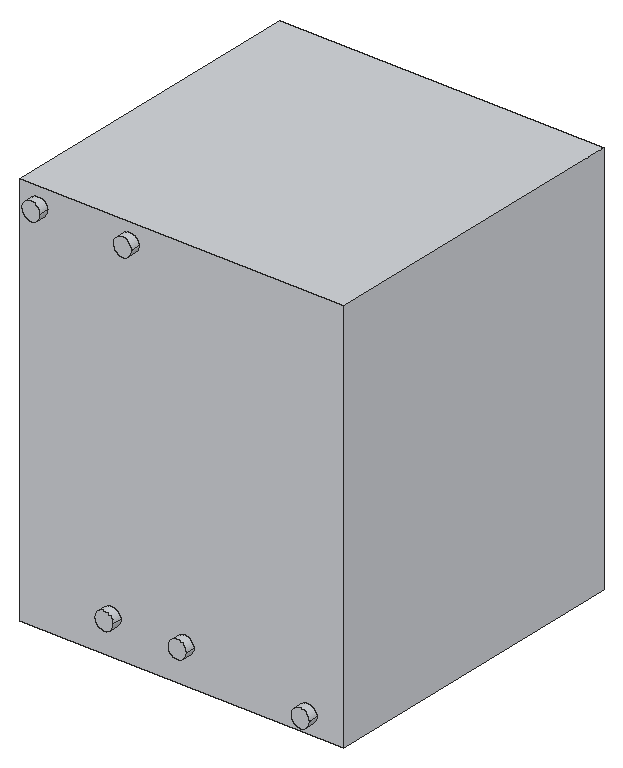
Revit family "M_Serpentina AHU da cobertura - Dual", category Equipamento mecânico, Revit 2019
Family settings
  Cota do conector redondo = Usar raio
  Tipo de parte = Normal
  Número OmniClass = 23.75.35.14
  Título OmniClass = Air Handling Units
  ID de item do Seek = Rooftop AHU Coil - Dual-0000-CAN-ENU
  Com base no plano de trabalho = Não
  Sempre na vertical = Sim
  Corte com vazios quando carregada = Não
  Compartilhado = Não
  Ponto de cálculo do ambiente = Não
Parameters (values of type "700 L/s")
  Largura da unidade = Largura do duto  # 900 mm
  Comprimento da unidade = 900 mm
  Altura da unidade = Altura do duto  # 1100 mm
  Raio da tubulação = 25 mm
  Forma da peça = "Duto retangular"
  Modelo = "Tamanho do exterior 03"
  Largura do duto = 900 mm
  Altura do duto = 1100 mm
  Fluxo da drenagem [instance] = 0.0 L/s
  Fluxo de ar [instance] = 700.0 L/s
  Pressão do ar [instance] = 438.0 Pa
Types (10, lengths in mm): name | Largura da unidade | Altura da unidade | Raio da tubulação | Modelo | Largura do duto | Altura do duto | Fluxo de ar
  4950 L/s | 2100 | 1700 | 32 | "Tamanho do exterior 21" | 2100 | 1700 | 4950.0 L/s
  5900 L/s | 2300 | 1700 | 32 | "Tamanho do exterior 25" | 2300 | 1700 | 5900.0 L/s
  700 L/s | 900 | 1100 | 25 | "Tamanho do exterior 03" | 900 | 1100 | 700.0 L/s
  7100 L/s | 2700 | 1700 | 32 | "Tamanho do exterior 30" | 2700 | 1700 | 7100.0 L/s
  1400 L/s | 1250 | 1100 | 25 | "Tamanho do exterior 06" | 1250 | 1100 | 1400.0 L/s
  1900 L/s | 1450 | 1200 | 25 | "Tamanho do exterior 08" | 1450 | 1200 | 1900.0 L/s
  2400 L/s | 1800 | 1200 | 25 | "Tamanho do exterior 10" | 1800 | 1200 | 2400.0 L/s
  2800 L/s | 1800 | 1350 | 25 | "Tamanho do exterior 12" | 1800 | 1350 | 2800.0 L/s
  3300 L/s | 1900 | 1350 | 32 | "Tamanho do exterior 14" | 1900 | 1350 | 3300.0 L/s
  4000 L/s | 2100 | 1400 | 32 | "Tamanho do exterior 17" | 2100 | 1400 | 4000.0 L/s
Reference planes
  plane 1 "Centro (Frente/Trás)": y = 0
  plane 2: z = 0
  plane 3 "Centro (Esquerda/Direita)": x = 0
  plane 4: z = 1100
  plane 5: x = -900
  plane 6: y = 900
  plane 7: x = -849.2
  plane 8: x = -595.2
  plane 9: z = 1049.2
  plane 10: z = 101.6
  plane 11: x = -646
  plane 12: x = -442.8
  plane 13: z = 50.8
  plane 14: x = -101.6
  plane 15: y = -25.4
Forms (mm)
  Extrusion 1, solid
    sketch origin (0, 0, 0) x (1, 0, 0) y (0, 1, 0)
      loop
        line (0, 900) -> (-900, 900) -> (-900, 0) -> (0, 0) -> (0, 900)
    from 0 to 1100
  Extrusion 2, solid
    sketch origin (0, 0, 0) x (1, 0, 0) y (0, 0, 1)
      loop
        circle (-849.2, 1049.2) r 25
    from 0 to 25.4
  Extrusion 3, solid
    sketch origin (0, 0, 0) x (1, 0, 0) y (0, 0, 1)
      loop
        circle (-595.2, 1049.2) r 25
    from 0 to 25.4
  Extrusion 4, solid
    sketch origin (0, 0, 0) x (1, 0, 0) y (0, 0, 1)
      loop
        circle (-646, 101.6) r 25
    from 0 to 25.4
  Extrusion 5, solid
    sketch origin (0, 0, 0) x (1, 0, 0) y (0, 0, 1)
      loop
        circle (-442.8, 101.6) r 25
    from 0 to 25.4
  Extrusion 6, solid
    sketch origin (0, 0, 0) x (1, 0, 0) y (0, 0, 1)
      loop
        circle (-101.6, 50.8) r 25
    from 0 to 25.4
Dimensions and locks
  "Altura da unidade": plane 4 to plane 2
  "Largura da unidade": plane 6 to plane 1 "Centro (Frente/Trás)"
  "Comprimento da unidade": plane 5 to plane 3 "Centro (Esquerda/Direita)"
  locked: plane 4 to plane 9 at 50.8
  locked: plane 7 to plane 5 at 50.8
  locked: plane 8 to plane 5 at 304.8
  locked: plane 10 to plane 2 at 101.6
  locked: plane 13 to plane 2 at 50.8
  locked: plane 11 to plane 5 at 254
  locked: plane 12 to plane 5 at 457.2
  locked: plane 3 "Centro (Esquerda/Direita)" to plane 14 at 101.6
  locked: plane 1 "Centro (Frente/Trás)" to plane 15 at 25.4
  "Raio da tubulação": radius of Extrusion 2 sketch curve
  "Raio da tubulação": radius of Extrusion 3 sketch curve
  "Raio da tubulação": radius of Extrusion 4 sketch curve
  "Raio da tubulação": radius of Extrusion 5 sketch curve
  "Raio da tubulação": radius of Extrusion 6 sketch curve
  aligned and locked: plane 3 "Centro (Esquerda/Direita)" to Extrusion 1 sketch curve
  aligned and locked: plane 1 "Centro (Frente/Trás)" to Extrusion 1 sketch curve
  aligned and locked: plane 4 to Extrusion 1
  aligned and locked: Extrusion 1 to plane 2
  aligned and locked: plane 6 to Extrusion 1 sketch curve
  aligned and locked: Extrusion 1 sketch curve to plane 5
  aligned and locked: plane 7 to Extrusion 2 sketch curve
  aligned and locked: plane 9 to Extrusion 2 sketch curve
  aligned and locked: plane 9 to Extrusion 3 sketch curve
  aligned and locked: plane 8 to Extrusion 3 sketch curve
  aligned and locked: plane 10 to Extrusion 4 sketch curve
  aligned and locked: plane 11 to Extrusion 4 sketch curve
  aligned and locked: plane 10 to Extrusion 5 sketch curve
  aligned and locked: plane 12 to Extrusion 5 sketch curve
  aligned and locked: plane 13 to Extrusion 6 sketch curve
  aligned and locked: plane 14 to Extrusion 6 sketch curve
  aligned and locked: Extrusion 2 to plane 15
  aligned and locked: Extrusion 4 to plane 15
  aligned and locked: Extrusion 3 to plane 15
  aligned and locked: Extrusion 5 to plane 15
  aligned and locked: Extrusion 6 to plane 15
Connectors
  hvac at (-900, 450, 550), driven by "Altura do duto", driven by "Largura do duto", driven by "Fluxo de ar", driven by "Pressão do ar"
    settings: on Extrusion 1, index 1, duct flow 700.0 L/s, flow factor 0, pres drop 438.0 Pa, loss coef 0, conn angle 0.00°, conn width 900 mm, conn height 1100 mm, conn diameter 609.6 mm, duct sys type 1, conn prof type 1, flow config 0, flow direction 0, loss method 4, conn ref index 2, conn util no, is conn primary yes, conn desc ""
  hvac at (0, 450, 550), driven by "Fluxo de ar", driven by "Altura do duto", driven by "Largura do duto"
    settings: on Extrusion 1, index 2, duct flow 700.0 L/s, flow factor 0, pres drop 0.0 Pa, loss coef 0, conn angle 0.00°, conn width 900 mm, conn height 1100 mm, conn diameter 609.6 mm, duct sys type 1, conn prof type 1, flow config 0, flow direction 0, loss method 4, conn ref index 1, conn util no, is conn primary no, conn desc ""
  piping at (-849.2, -25.4, 1049.2), diameter 50, driven by "Raio da tubulação"
    settings: on Extrusion 2, index 3, connector inside diameter 50 mm, connector length 0 mm, flow factor 0, pipe flow 0.0 L/s, pressure drop 0.0 Pa, fitting loss kfactor 0, connector angle 0.00°, fixture units 0, engagement length 0 mm, angle of deflection 0.00°, flow configuration 1, flow direction 1, fitting loss method 0, system type 22, joint type 0, gender type 0, connector reference index 5, connector utility 0, adjustable connector no, is connector primary yes, connector description ""
  piping at (-595.2, -25.4, 1049.2), diameter 50, driven by "Raio da tubulação"
    settings: on Extrusion 3, index 4, connector inside diameter 50 mm, connector length 0 mm, flow factor 0, pipe flow 0.0 L/s, pressure drop 0.0 Pa, fitting loss kfactor 0, connector angle 0.00°, fixture units 0, engagement length 0 mm, angle of deflection 0.00°, flow configuration 1, flow direction 1, fitting loss method 0, system type 22, joint type 0, gender type 0, connector reference index 6, connector utility 0, adjustable connector no, is connector primary no, connector description ""
  piping at (-646, -25.4, 101.6), diameter 50, driven by "Raio da tubulação"
    settings: on Extrusion 4, index 5, connector inside diameter 50 mm, connector length 0 mm, flow factor 0, pipe flow 0.0 L/s, pressure drop 0.0 Pa, fitting loss kfactor 0, connector angle 0.00°, fixture units 0, engagement length 0 mm, angle of deflection 0.00°, flow configuration 1, flow direction 2, fitting loss method 0, system type 22, joint type 0, gender type 0, connector reference index 3, connector utility 0, adjustable connector no, is connector primary no, connector description ""
  piping at (-442.8, -25.4, 101.6), diameter 50, driven by "Raio da tubulação"
    settings: on Extrusion 5, index 6, connector inside diameter 50 mm, connector length 0 mm, flow factor 0, pipe flow 0.0 L/s, pressure drop 0.0 Pa, fitting loss kfactor 0, connector angle 0.00°, fixture units 0, engagement length 0 mm, angle of deflection 0.00°, flow configuration 1, flow direction 2, fitting loss method 0, system type 22, joint type 0, gender type 0, connector reference index 4, connector utility 0, adjustable connector no, is connector primary no, connector description ""
  piping at (-101.6, -25.4, 50.8), diameter 50, driven by "Fluxo da drenagem", driven by "Raio da tubulação"
    settings: on Extrusion 6, index 7, connector inside diameter 50 mm, connector length 0 mm, flow factor 0, pipe flow 0.0 L/s, pressure drop 0.0 Pa, fitting loss kfactor 0, connector angle 0.00°, fixture units 0, engagement length 0 mm, angle of deflection 0.00°, flow configuration 1, flow direction 2, fitting loss method 0, system type 16, joint type 0, gender type 0, connector reference index -1, connector utility 0, adjustable connector yes, is connector primary no, connector description ""
